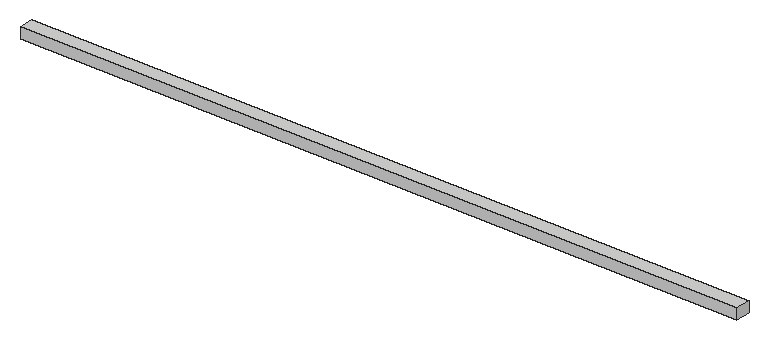
Revit family "Lighting-Teknion-BLED_Linear_LED_Light-R2018", category Lighting Fixtures, Revit 2018
Family settings
  Round Connector Dimension = Use Diameter
  Part Type = Normal
  OmniClass Number = 23.80.70.00
  OmniClass Title = Lighting
  Work Plane-Based = No
  Always vertical = Yes
  Cut with Voids When Loaded = No
  Light Source = Yes
  Shared = No
  Room Calculation Point = No
Parameters (values of type "48" Width")
  Width = 46.953"
  Wattage = 12.1178 W
  Warranty = "http://www.teknion.com/ca/papers/legal-canada"
  built-in parameter 1150110 = 1 (stored number, unit not read)
  URL = "www.teknion.com"
  built-in parameter 1114217 = 1 (stored number, unit not read)
  built-in parameter 1150109 = 1 (stored number, unit not read)
  built-in parameter 1150134 = (empty or 0)
  built-in parameter 1150113 = 1 (stored number, unit not read)
  Series = "Expansion Casegoods"  # constant formula
  Product Page URL = "https://www.teknion.com/ca/products/product-details?productLineId=0053336e-8e7a-673b-a6c8-ff00004460c4"
  Product Line = "Expansion Casegoods"  # constant formula
  Product Documentation Link = "https://www.teknion.com/pricing/expansion-casegoods/pdfs/BLED_ppg.pdf"
  Part Number = "BLED"  # constant formula
  Model = "BLED48"
  Manufacturer Phone = "416-661-3370"  # constant formula
  Manufacturer Fax = "416.661.4586"  # constant formula
  Manufacturer Contact Information = "http://www.teknion.com/ca/contactus"
  Manufacturer Address = "1150 Flint Road, Toronto, ON. M3J 2J5. Canada"  # constant formula
  Manufacturer = "Teknion"  # constant formula
  Lumens = 1800 lm
  built-in parameter 1150115 = 1 (stored number, unit not read)
  built-in parameter 1150105 = 572.96 (stored number, unit not read)
  Light Source Symbol Size = 24.000"
  built-in parameter 1150137 = (empty or 0)
  built-in parameter 1150139 = (empty or 0)
  built-in parameter 1150112 = 1 (stored number, unit not read)
  built-in parameter 1150114 = 1 (stored number, unit not read)
  built-in parameter 1150132 = 2
  built-in parameter 1150102 = (empty or 0)
  built-in parameter 1150138 = (empty or 0)
  built-in parameter 1150107 = 3000 (stored number, unit not read)
  built-in parameter 1150106 = 5.7296 (stored number, unit not read)
  Height [instance] = 54.000"
  Emit from Line Length = 46.000"
  built-in parameter 1150104 = 13.8 (stored number, unit not read)
  Dimming Lamp Color Temperature Shift = <None>
  Description = "Linear LED Light, 48\" Width"
  Color Filter = 16777215
  built-in parameter 1114218 = 1 (stored number, unit not read)
  built-in parameter 1150133 = 10 (stored number, unit not read)
Types (4): name | Width | Model | Height | Emit from Line Length | Description
  (no name) | 46.953" | "BLED48" | 54.000" | 46.000" | "Linear LED Light, 48\" Width"
  24" Width | 22.953" | "BLED24" | 36.000" | 24.000" | "Linear LED Light, 24\" Width"
  36" Width | 34.953" | "BLED36" | 36.000" | 34.000" | "Linear LED Light, 36\" Width"
  48" Width | 46.953" | "BLED48" | 54.000" | 46.000" | "Linear LED Light, 48\" Width"
Reference planes (in)
  plane 1 "Light Source Axis (F/B)": y = 0
  plane 2: z = 0
  plane 3 "Light Source Axis (L/R)": x = 0
  plane 4 "Light Source Elevation": z = 53.33465
  plane 5: z = 54
Forms (in)
  Sweep 1, solid, material "Metal - Teknion - AC - Clear Anodized"
    path origin (0, 0, 0) x (1, 0, 0) y (0, 1, 0)
      loop
        line (-23.4765, 0) -> (23.4765, 0)
    profile origin (0, 0, 0) x (0, 1, 0) y (0, 0, 1)
      loop
        line (0.47244, 54) -> (-0.47244, 54) -> (-0.47244, 53.33465) -> (0.47244, 53.33465) -> (0.47244, 54)
Lines and regions (in)
  symbolic lines, style "LightingFixturesHiddenLines", detail levels medium+fine
    curve 1: line (-23.4765, 0.47244, 53.33465) -> (23.4765, 0.47244, 53.33465)
    curve 2: line (-23.4765, -0.47244, 53.33465) -> (-23.4765, 0.47244, 53.33465)
    curve 3: line (23.4765, -0.47244, 53.33465) -> (-23.4765, -0.47244, 53.33465)
    curve 4: line (23.4765, 0.47244, 53.33465) -> (23.4765, -0.47244, 53.33465)
Dimensions and locks (in)
  "Height": plane 5 to level
  equal spacing: Sweep 1 sketch curve, plane 3 "Light Source Axis (L/R)", Sweep 1 sketch curve
  "Width": Sweep 1 sketch curve to Sweep 1 sketch curve
  Sweep 1 sketch curve to plane 4 "Light Source Elevation" to Sweep 1 sketch curve = 0.000" locked, 0.66535" locked
  Sweep 1 sketch curve to plane 1 "Light Source Axis (F/B)" to Sweep 1 sketch curve = 0.47244" locked, 0.47244" locked
  locked: plane 4 "Light Source Elevation" to plane 5 at 0.66535
  locked: plane 5 to imposter light at 0.66535
  aligned and locked: plane 3 "Light Source Axis (L/R)" to imposter light
  aligned and locked: plane 1 "Light Source Axis (F/B)" to imposter light
  aligned and locked: plane 4 "Light Source Elevation" to imposter light
  aligned and locked: level to plane 2
  aligned and locked: plane 1 "Light Source Axis (F/B)" to Sweep 1 sketch curve
  aligned and locked: curve 1 to Sweep 1
  aligned and locked: curve 2 to Sweep 1
  aligned and locked: curve 3 to Sweep 1
  aligned and locked: curve 4 to Sweep 1
